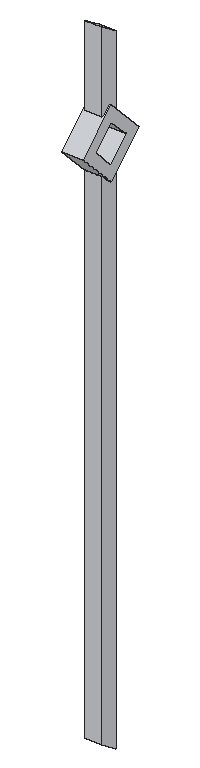
Revit family
Parameters (values of type "20mm")
  built-in parameter 1008623 [instance] = 32.47°
  built-in parameter 1008625 [instance] = (empty or 0)
  Post = no
  built-in parameter 1008624 [instance] = 32.47°
  Width = 20 mm
  t1 = Width + 5.999 mm  # 25.999 mm
  Baluster Material = none
  built-in parameter 1008622 [instance] = 762 mm
Types (3, lengths in mm): name | Width | t1
  (no name) | 20 | 25.999
  25mm | 25 | 30.999
  20mm | 20 | 25.999
Reference planes
  plane 1 "Center F/B": y = 0
  plane 2: z = 0
  plane 3 "Center L/R": x = 0
  plane 4 "Top": z = 762
  plane 5 "Top Angle Cut": through (0, 345.134, 542.379) normal (0, -0.5369, -0.8437)
  plane 6: z = 862
  plane 7: z = 609.6
  plane 8: z = 673.1
  plane 9: z = 641.35
  plane 10: x = -13
  plane 11: x = 13
  plane 12: z = -100
  plane 13: y = 50
  plane 14: x = 50
  plane 15: y = -50
  plane 16: x = -50
  plane 17 "Bottom Angle Cut": through (0, 0, 0) normal (0, -0.5369, -0.8437)
Forms (mm)
  Extrusion 1, solid, material <- "Baluster Material"
    sketch origin (0, 0, 0) x (1, 0, 0) y (0, 1, 0)
      loop
        line (-10, 10) -> (-10, -10) -> (10, -10) -> (10, 10) -> (-10, 10)
    from 673.1 to 862
  Extrusion 2, void
    sketch origin (0, 0, 0) x (0, 1, 0) y (0, 0, 1)
      loop
        line (-50, 862) -> (-50, 793.817) -> (50, 730.183) -> (50, 862) -> (-50, 862)
    from -50 to 50
  Extrusion 3, solid, material <- "Baluster Material"
    sketch origin (0, 0, 0) x (1, 0, 0) y (0, 1, 0)
      loop
        line (-10, 10) -> (-10, -10) -> (10, -10) -> (10, 10) -> (-10, 10)
    from -100 to 609.6
  Extrusion 4, solid, material <- "Baluster Material"
    sketch origin (0, 0, 0) x (0, 1, 0) y (0, 0, 1)
      loop
        line (0, 682.625) -> (-41.275, 641.35) -> (0, 600.075) -> (41.275, 641.35) -> (0, 682.625)
      loop
        line (0, 664.664) -> (-23.314, 641.35) -> (0, 618.036) -> (23.314, 641.35) -> (0, 664.664)
    from -13 to 13
  Extrusion 5, void
    sketch origin (0, 0, 0) x (0, 1, 0) y (0, 0, 1)
      loop
        line (50, -31.817) -> (-50, 31.817) -> (-50, -100) -> (50, -100) -> (50, -31.817)
    from -50 to 50
Cuts and joins
  Extrusion 2, Extrusion 5 cuts Extrusion 1
  Extrusion 5 cuts Extrusion 3
  Extrusion 5 cuts Extrusion 4
Dimensions and locks
  "built-in parameter 1008622": plane 2 to plane 4 "Top"
  plane 4 "Top" to plane 6 = 100 mm
  Extrusion 1 sketch curve to plane 3 "Center L/R" to Extrusion 1 sketch curve = 10 mm, 10 mm
  Extrusion 1 sketch curve to plane 1 "Center F/B" to Extrusion 1 sketch curve = 10 mm, 10 mm
  "Width": Extrusion 1 sketch curve to Extrusion 1 sketch curve  (x2)
  "Width": Extrusion 3 sketch curve to Extrusion 3 sketch curve  (x2)
  plane 7 to plane 8 = 63.5 mm
  plane 7 to plane 9 to plane 8 = 31.75 mm, 31.75 mm
  Extrusion 3 sketch curve to plane 3 "Center L/R" to Extrusion 3 sketch curve = 10 mm, 10 mm
  Extrusion 3 sketch curve to plane 1 "Center F/B" to Extrusion 3 sketch curve = 10 mm, 10 mm
  "t1": plane 10 to plane 11
  plane 10 to plane 3 "Center L/R" to plane 11 = 13 mm, 13 mm
  level to plane 12 = 100 mm
  plane 7 to plane 4 "Top" = 152.4 mm
  plane 16 to plane 3 "Center L/R" = 50 mm
  plane 3 "Center L/R" to plane 14 = 50 mm
  plane 1 "Center F/B" to plane 13 = 50 mm
  plane 15 to plane 1 "Center F/B" = 50 mm
  "built-in parameter 1008623": angle plane 4 "Top" to plane 5 "Top Angle Cut"
  "built-in parameter 1008624": angle level to plane 17 "Bottom Angle Cut"
  aligned: Extrusion 1 to plane 6
  aligned: Extrusion 3 to plane 7
  aligned: plane 8 to Extrusion 1
  aligned: Extrusion 4 to plane 10
  aligned: Extrusion 4 to plane 11
  aligned: Extrusion 2 to plane 16
  aligned: Extrusion 2 to plane 14
  aligned: plane 6 to Extrusion 2 sketch curve
  aligned: plane 13 to Extrusion 2 sketch curve
  aligned: plane 15 to Extrusion 2 sketch curve
  aligned: Extrusion 2 sketch curve to plane 5 "Top Angle Cut"
  aligned: plane 12 to Extrusion 3
  aligned: Extrusion 5 sketch curve to plane 12
  aligned: plane 13 to Extrusion 5 sketch curve
  aligned: Extrusion 5 sketch curve to plane 15
  aligned: plane 17 "Bottom Angle Cut" to Extrusion 5 sketch curve
  aligned: Extrusion 5 to plane 16
  aligned: Extrusion 5 to plane 14
Automatic sketch dimensions
  Extrusion 4 sketch curve to plane 9 = 0 mm  (x2)
  Extrusion 4 sketch curve to plane 1 "Center F/B" = 0 mm  (x3)
  Extrusion 4 sketch curve to plane 7 = 8.436 mm
  plane 1 "Center F/B" to Extrusion 4 sketch curve = 0 mm
  plane 9 to Extrusion 4 sketch curve = 0 mm  (x2)
  Extrusion 4 sketch curve to Extrusion 4 sketch curve = 17.961 mm
